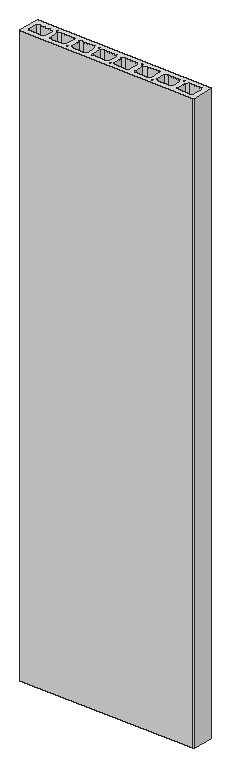
Revit family "ECP_MNLK-7560S7K", category Generic Models, Revit 2022
Family settings
  Can host rebar = No
  Round Connector Dimension = Use Diameter
  Part Type = Normal
  Work Plane-Based = No
  Always vertical = Yes
  Cut with Voids When Loaded = Yes
  Maintain Annotation Orientation = No
  Shared = No
  Room Calculation Point = No
Parameters (values of type "ECP_MNLK-7560S7K")
  長さ [instance] = 2000 mm
  穴表示 = yes
  材質 = 40Msr_ECP
  Default Elevation = 0 mm
  既存長さ = 610 mm
  幅 [instance] = 600 mm
  固定寸法 = 600 mm
  厚さ = 75 mm
  メースカット非表示 = yes
  メースカット [instance] = 既存長さ - 幅 - 10 mm  # 0 mm
  オースカット非表示 = no
  オースカット = 0 mm
Reference planes
  plane 1 "中心(正面/背面)": y = 0
  plane 2: z = 0
  plane 3 "中心(左/右)": x = 0
  plane 4: y = -37.5
  plane 5: y = 37.5
  plane 6: z = 2000
  plane 7: x = 600
Forms (mm)
  Extrusion 1, solid, material "40Msr_ECP" <- "材質", detail levels fine
    sketch origin (0, 0, 0) x (1, 0, 0) y (0, 1, 0)
      loop
        line (0, -34.5) -> (3, -37.5) -> (597, -37.5) -> (600, -34.5) -> (600, 34.5) -> (597, 37.5) -> (3, 37.5) -> (0, 34.5) -> (0, -34.5)
    from 0 to 2000
  Extrusion 2, void
    sketch origin (-50, 0, 0) x (1, 0, 0) y (0, 1, 0)
      loop
        line (650, -37.5) -> (660, -37.5) -> (660, 37.5) -> (650, 37.5) -> (650, -37.5)
    from 0 to 2000
  Extrusion 3, void
    sketch origin (-617, 0, 0) x (1, 0, 0) y (0, 1, 0)
      loop
        line (713.2, -22.5) -> (755.3, -22.5) -> (763.3, -14.5) -> (763.3, 14.5)
        arc (763.3, 14.5) -> (760.957, 20.157) -> (755.3, 22.5) r 8
        line (755.3, 22.5) -> (713.2, 22.5) -> (705.2, 14.5) -> (705.2, -14.5)
        arc (705.2, -14.5) -> (707.543, -20.157) -> (713.2, -22.5) r 8
      loop
        line (786.3, -22.5) -> (828.4, -22.5)
        arc (828.4, -22.5) -> (834.057, -20.157) -> (836.4, -14.5) r 8
        line (836.4, -14.5) -> (836.4, 14.5) -> (828.4, 22.5) -> (786.3, 22.5)
        arc (786.3, 22.5) -> (780.643, 20.157) -> (778.3, 14.5) r 8
        line (778.3, 14.5) -> (778.3, -14.5) -> (786.3, -22.5)
      loop
        line (859.4, -22.5) -> (901.5, -22.5) -> (909.5, -14.5) -> (909.5, 14.5)
        arc (909.5, 14.5) -> (907.157, 20.157) -> (901.5, 22.5) r 8
        line (901.5, 22.5) -> (859.4, 22.5) -> (851.4, 14.5) -> (851.4, -14.5)
        arc (851.4, -14.5) -> (853.743, -20.157) -> (859.4, -22.5) r 8
      loop
        line (932.5, -22.5) -> (974.6, -22.5)
        arc (974.6, -22.5) -> (980.257, -20.157) -> (982.6, -14.5) r 8
        line (982.6, -14.5) -> (982.6, 14.5) -> (974.6, 22.5) -> (932.5, 22.5)
        arc (932.5, 22.5) -> (926.843, 20.157) -> (924.5, 14.5) r 8
        line (924.5, 14.5) -> (924.5, -14.5) -> (932.5, -22.5)
      loop
        line (1005.6, 22.5) -> (997.6, 14.5) -> (997.6, -14.5)
        arc (997.6, -14.5) -> (999.943, -20.157) -> (1005.6, -22.5) r 8
        line (1005.6, -22.5) -> (1047.7, -22.5) -> (1055.7, -14.5) -> (1055.7, 14.5)
        arc (1055.7, 14.5) -> (1053.357, 20.157) -> (1047.7, 22.5) r 8
        line (1047.7, 22.5) -> (1005.6, 22.5)
      loop
        arc (1078.7, 22.5) -> (1073.043, 20.157) -> (1070.7, 14.5) r 8
        line (1070.7, 14.5) -> (1070.7, -14.5) -> (1078.7, -22.5) -> (1120.8, -22.5)
        arc (1120.8, -22.5) -> (1126.457, -20.157) -> (1128.8, -14.5) r 8
        line (1128.8, -14.5) -> (1128.8, 14.5) -> (1120.8, 22.5) -> (1078.7, 22.5)
      loop
        line (1151.8, 22.5) -> (1143.8, 14.5) -> (1143.8, -14.5)
        arc (1143.8, -14.5) -> (1146.143, -20.157) -> (1151.8, -22.5) r 8
        line (1151.8, -22.5) -> (1193.9, -22.5)
        arc (1193.9, -22.5) -> (1199.557, -20.157) -> (1201.9, -14.5) r 8
        line (1201.9, -14.5) -> (1201.9, 14.5)
        arc (1201.9, 14.5) -> (1199.557, 20.157) -> (1193.9, 22.5) r 8
        line (1193.9, 22.5) -> (1151.8, 22.5)
      loop
        arc (640.1, 22.5) -> (634.443, 20.157) -> (632.1, 14.5) r 8
        line (632.1, 14.5) -> (632.1, -14.5)
        arc (632.1, -14.5) -> (634.443, -20.157) -> (640.1, -22.5) r 8
        line (640.1, -22.5) -> (682.2, -22.5)
        arc (682.2, -22.5) -> (687.857, -20.157) -> (690.2, -14.5) r 8
        line (690.2, -14.5) -> (690.2, 14.5) -> (682.2, 22.5) -> (640.1, 22.5)
      loop
        circle (697.7, 23.5) r 1.3
      loop
        circle (770.8, -23.5) r 1.3
      loop
        circle (843.9, 23.5) r 1.3
      loop
        circle (917, -23.5) r 1.3
      loop
        circle (990.1, 23.5) r 1.3
      loop
        circle (1063.2, -23.5) r 1.3
      loop
        circle (1136.3, 23.5) r 1.3
    from 0 to 2000
Cuts and joins
  Extrusion 2, Extrusion 3 cuts Extrusion 1
Lines and regions (mm)
  symbolic lines, style "ECPパネル", detail levels coarse+medium
    curve 1: line (0, 37.5, 0) -> (600, 37.5, 0)
    curve 2: line (0, -37.5, 0) -> (0, 37.5, 0)
    curve 3: line (600, -37.5, 0) -> (0, -37.5, 0)
    curve 4: line (600, 37.5, 0) -> (600, -37.5, 0)
    curve 5: line (0, 0, 0) -> (600, 0, 0)
    curve 6: line (0, 0, 2000) -> (0, 0, 0)
    curve 7: line (600, 0, 2000) -> (0, 0, 2000)
    curve 8: line (600, 0, 0) -> (600, 0, 2000)
    curve 9: line (0, -37.5, 2000) -> (0, 37.5, 2000)
    curve 10: line (0, -37.5, 0) -> (0, -37.5, 2000)
    curve 11: line (0, 37.5, 0) -> (0, -37.5, 0)
    curve 12: line (0, 37.5, 2000) -> (0, 37.5, 0)
  model lines, detail levels coarse+medium
    curve 13: line (0, 8, 0) -> (0, -8, 0)
Dimensions and locks
  "厚さ": plane 4 to plane 5
  "長さ": plane 6 to level
  equal spacing: plane 4, plane 1 "中心(正面/背面)", plane 5
  "既存長さ": plane 3 "中心(左/右)" to Extrusion 2
  "長さ": cut or joined group of Extrusion 1, Extrusion 2, Extrusion 3 to level
  "長さ": Extrusion 2 to level
  "幅": cut or joined group of Extrusion 1, Extrusion 2, Extrusion 3 to curve 8
  "長さ": level to Extrusion 3
  "固定寸法": plane 3 "中心(左/右)" to cut or joined group of Extrusion 1, Extrusion 2, Extrusion 3
  "幅": plane 3 "中心(左/右)" to plane 7
  "メースカット": Extrusion 2 sketch curve to cut or joined group of Extrusion 1, Extrusion 2, Extrusion 3
  aligned and locked: level to plane 2
Automatic sketch dimensions
  curve 11 to level = 0 mm
  curve 11 to plane 4 = 0 mm
  curve 11 to plane 5 = 0 mm
  curve 10 to plane 6 = 0 mm
  curve 7 to plane 3 "中心(左/右)" = 0 mm
  curve 7 to plane 6 = 0 mm
  curve 8 to level = 0 mm
  Extrusion 1 sketch curve to plane 3 "中心(左/右)" = 0 mm
  plane 4 to Extrusion 1 sketch curve = 0 mm
  plane 5 to Extrusion 1 sketch curve = 0 mm
  plane 3 "中心(左/右)" to Extrusion 1 sketch curve = 3 mm  (x2)
  Extrusion 1 sketch curve to plane 4 = 3 mm  (x2)
  plane 5 to Extrusion 1 sketch curve = 3 mm  (x2)
  Extrusion 1 sketch curve to Extrusion 1 sketch curve = 3 mm
  Extrusion 1 sketch curve to Extrusion 1 sketch curve = 0 mm
  Extrusion 1 sketch curve to Extrusion 1 sketch curve = 594 mm
  Extrusion 3 sketch curve to Extrusion 3 sketch curve = 8 mm  (x33)
  Extrusion 3 sketch curve to Extrusion 3 sketch curve = 42.1 mm  (x9)
  plane 5 to Extrusion 3 sketch curve = 15 mm  (x6)
  Extrusion 3 sketch curve to Extrusion 3 sketch curve = 0 mm  (x4)
  Extrusion 3 sketch curve to Extrusion 3 sketch curve = 7.5 mm  (x11)
  Extrusion 3 sketch curve to plane 4 = 15 mm  (x7)
  plane 1 "中心(正面/背面)" to Extrusion 3 sketch curve = 14.5 mm  (x4)
  plane 3 "中心(左/右)" to Extrusion 3 sketch curve = 23.1 mm  (x2)
  Extrusion 3 sketch curve to Extrusion 3 sketch curve = 15 mm  (x3)
  Extrusion 3 sketch curve to plane 1 "中心(正面/背面)" = 14.5 mm  (x6)
  Extrusion 3 sketch curve to Extrusion 3 sketch curve = 9 mm  (x6)
  Extrusion 3 sketch curve to plane 4 = 14 mm
  plane 4 to Extrusion 2 sketch curve = 0 mm
  plane 5 to Extrusion 2 sketch curve = 0 mm
  Extrusion 2 sketch curve to Extrusion 2 sketch curve = 10 mm
  curve 1 to plane 3 "中心(左/右)" = 0 mm
  curve 13 to plane 3 "中心(左/右)" = 0 mm
  plane 4 to curve 4 = 0 mm
  curve 4 to plane 7 = 0 mm
  plane 5 to curve 1 = 0 mm
  plane 1 "中心(正面/背面)" to curve 13 = 8 mm
  curve 13 to plane 1 "中心(正面/背面)" = 8 mm
  radius of Extrusion 3 sketch curve = 1.3 mm  (x7)
